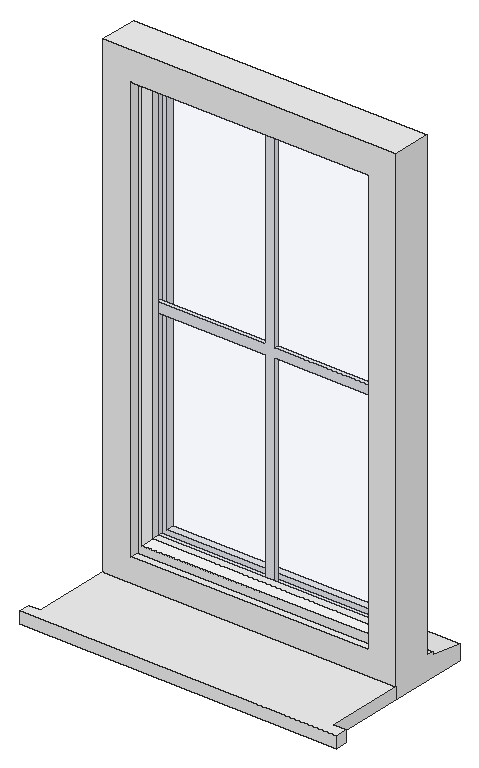
Revit family
Parameters (values of type "Sgl w Glazing Bars 1")
  Wrap Layers (Ext) from Ext = 102.5 mm
  Wrap Layers (Int) from Ext = 177.5 mm
  Window Board Projection = 25.0 mm
  Window Board Extension = 25.0 mm
  Vis - Glazing Bars = yes
  Vis - Cavity Closers = yes
  Rough Width = Width  # 630.0 mm
  Rough Height = Height  # 1050.0 mm
  Operation = "SinglePanel"
  Material Trim = Window Frame
  Material Glazing Bars = Window Frame
  Material Glass = Glass
  Material Frame = Window Frame
  Manufacturer = "Revit"
  Keynote = "L10"
  Height = 1050.0 mm
  Wall Closure = (empty or 0)
  Width = 630.0 mm
  Glazing Thickness = 24.0 mm
  Glazing Bar Thickness = 20.0 mm
  FrameOffset - External = 50.0 mm
  Frame Depth = 65.0 mm
  Default Head Height = 2110.0 mm
  Cill Depth = 87.5 mm
  Cavity Closer Width = 50.0 mm
  Cavity Closer Offset from Ext = 200.0 mm
  Cavity Closer Depth = 85.0 mm
  Assembly Code = ""
Reference planes
  plane 1: y = 0
  plane 2 "Center (Left/Right)": x = 0
  plane 3 "Left": x = -315
  plane 4 "Right": x = 315
  plane 5 "Cill": z = 1060
  plane 6 "Head": z = 2110
  plane 7 "Exterior": y = 158.457
  plane 8 "Interior": y = -141.543
  plane 9 "Back of Window": y = 43.457
  plane 10 "Wall Closure": y = 55.957
  plane 11 "Front Cill": y = 195.957
  plane 12 "Front Window Board": y = -166.543
  plane 13 "RHS Window Board": x = 340
  plane 14 "LHS Window Board": x = -340
  plane 15 "Ext Leaf Back": y = -41.543
  plane 16 "Face Window": y = 108.457
  plane 17: z = 1596.5
  plane 18: y = -19.043
  plane 19: z = 1123
  plane 20: z = 2070
Forms (mm)
  Extrusion 1, solid, material "Window Frame" <- "Material Trim", detail levels medium+fine
    sketch origin (0, 0, 1060) x (0, -1, 0) y (-1, 0, 0)
      loop
        line (141.543, 340) -> (141.543, 315) -> (-25.457, 315) -> (-25.457, -315) -> (141.543, -315) -> (141.543, -340) -> (166.543, -340) -> (166.543, 340) -> (141.543, 340)
    from 0 to -25
  Extrusion 2, solid, material "Window Frame" <- "Material Frame"
    sketch origin (0, 0, 0) x (0, 1, 0) y (0, 0, 1)
      loop
        line (25.457, 1060) -> (195.957, 1060) -> (195.957, 1093.809) -> (123.457, 1104.745) -> (123.457, 1109.688) -> (108.457, 1111) -> (108.457, 1123) -> (43.457, 1123) -> (43.457, 1135) -> (25.457, 1135) -> (25.457, 1060)
    from 315 to -315
  Sweep 3, solid, material "Window Frame" <- "Material Frame"
    path origin (0, 43.457, 0) x (1, 0, 0) y (0, 0, 1)
      loop
        line (-315, 1123) -> (-315, 2110) -> (315, 2110) -> (315, 1123)
    profile origin (0, 0, 1616.5) x (-1, 0, 0) y (0, -1, 0)
      loop
        line (315, -25.457) -> (255, -25.457) -> (255, -43.457) -> (275, -43.457) -> (275, -108.457) -> (315, -108.457) -> (315, -25.457)
  Sweep 4, solid, material "Window Frame" <- "Material Frame"
    path origin (0, 108.457, 0) x (1, 0, 0) y (0, 0, 1)
      loop
        line (275, 2070) -> (-275, 2070) -> (-275, 1123) -> (275, 1123) -> (275, 2070)
    profile origin (0, 0, 1596.5) x (0, -1, 0) y (1, 0, 0)
      loop
        line (-108.457, -285) -> (-108.457, -275) -> (-43.457, -275) -> (-43.457, -245.148) -> (-57.949, -235) -> (-72.457, -235) -> (-72.457, -245) -> (-96.457, -245) -> (-96.457, -235) -> (-114.23, -235) -> (-120.004, -252.446) -> (-120.004, -274.215) -> (-114.23, -285) -> (-108.457, -285)
  Extrusion 5, solid, material "Window Frame" <- "Material Glazing Bars", visible <- "Vis - Glazing Bars"
    sketch origin (245, 96.457, 2040) x (1, 0, 0) y (0, 0, -1)
      loop
        line (0.148, 453.5) -> (-235, 453.5) -> (-235, 887.148) -> (-255, 887.148) -> (-255, 453.5) -> (-490.148, 453.5) -> (-490.148, 433.5) -> (-255, 433.5) -> (-255, -0.148) -> (-235, -0.148) -> (-235, 433.5) -> (0.148, 433.5) -> (0.148, 453.5)
    from -8 to -16
  Extrusion 6, solid, material "Glass" <- "Material Glass"
    sketch origin (245, 96.457, 2040) x (-1, 0, 0) y (0, 0, -1)
      loop
        line (-0.148, -0.148) -> (490, -0.148) -> (490, 887) -> (-0.148, 887) -> (-0.148, -0.148)
    from 0 to 24 <- "Glazing Thickness"
Cuts and joins
  joined: Extrusion 2, Sweep 3
Lines and regions (mm)
  Opening 1
    outline origin (-5000, -141.543, 0) x (1, 0, 0) y (0, 0, 1)
      loop
        line (5315, 2110) -> (4685, 2110) -> (4685, 1060) -> (5315, 1060) -> (5315, 2110)
  Masking region 1
    outline origin (0, 0, 1060) x (0, -1, 0) y (1, 0, 0)
      loop
        line (-25.457, -315) -> (-25.457, 315) -> (-195.957, 315) -> (-195.957, -315) -> (-25.457, -315)
  symbolic lines, style "Windows", detail levels coarse
    curve 1: line (235, 0, 1163) -> (235, 0, 2030)
    curve 2: line (235, 0, 2030) -> (-235, 0, 2030)
    curve 3: line (-235, 0, 2030) -> (-235, 0, 1163)
    curve 4: line (-235, 0, 1163) -> (235, 0, 1163)
    curve 5: line (285, 0, 2080) -> (285, 0, 1113)
    curve 6: line (-285, 0, 1113) -> (-285, 0, 2080)
    curve 7: line (-285, 0, 2080) -> (285, 0, 2080)
  symbolic lines, style "WindowsFrameMullionProjection"
    curve 8: line (-315, 25.457, 0) -> (315, 25.457, 0)
    curve 10: line (315, 108.457, 0) -> (-315, 108.457, 0)
    curve 12: line (-255, 25.457, 0) -> (-255, 108.457, 0)
    curve 13: line (255, 25.457, 0) -> (255, 108.457, 0)
    curve 14: line (-255, 66.957, 0) -> (255, 66.957, 0)
  symbolic lines, style "Elevation Swing"
    curve 9: line (-315, 108.457, 0) -> (-315, 25.457, 0)
    curve 11: line (315, 25.457, 0) -> (315, 108.457, 0)
    curve 27: line (-235, 0, 2030) -> (235, 0, 1596.5)
    curve 28: line (-235, 0, 1163) -> (235, 0, 1596.5)
  symbolic lines, style "Cavity Closer", visible <- "Vis - Cavity Closers", detail levels medium+fine
    curve 15: line (-315, -41.543, 0) -> (-365, -41.543, 0)
    curve 16: line (-315, -126.543, 0) -> (-315, -41.543, 0)
    curve 17: line (-365, -126.543, 0) -> (-315, -126.543, 0)
    curve 18: line (-365, -41.543, 0) -> (-365, -126.543, 0)
    curve 19: line (-315, -126.543, 0) -> (-365, -41.543, 0)
    curve 20: line (-365, -126.543, 0) -> (-315, -41.543, 0)
    curve 21: line (315, -41.543, 0) -> (365, -41.543, 0)
    curve 22: line (315, -126.543, 0) -> (315, -41.543, 0)
    curve 23: line (365, -126.543, 0) -> (315, -126.543, 0)
    curve 24: line (365, -41.543, 0) -> (365, -126.543, 0)
    curve 25: line (315, -126.543, 0) -> (365, -41.543, 0)
    curve 26: line (365, -126.543, 0) -> (315, -41.543, 0)
  symbolic lines, style "Windows", visible <- "Vis - Glazing Bars", detail levels coarse
    curve 29: line (235, 0, 1596.5) -> (-235, 0, 1596.5)
    curve 30: line (0, 0, 1163) -> (0, 0, 2030)
  symbolic lines, visible <- "Vis - Glazing Bars", detail levels medium+fine
    curve 31: line (10, 0, 2030) -> (10, 0, 1606.5)
    curve 32: line (-10, 0, 1606.5) -> (-10, 0, 2030)
    curve 33: line (-235, 0, 1606.5) -> (-10, 0, 1606.5)
    curve 34: line (-10, 0, 1586.5) -> (-235, 0, 1586.5)
    curve 35: line (-10, 0, 1163) -> (-10, 0, 1586.5)
    curve 36: line (10, 0, 1586.5) -> (10, 0, 1163)
    curve 37: line (235, 0, 1586.5) -> (10, 0, 1586.5)
    curve 38: line (10, 0, 1606.5) -> (235, 0, 1606.5)
  symbolic lines, style "WindowsSillHeadProjection"
    curve 39: line (315, 195.957, 0) -> (-315, 195.957, 0)
    curve 40: line (-315, 195.957, 0) -> (-315, 159.707, 0)
    curve 41: line (315, 159.707, 0) -> (315, 195.957, 0)
Text (mm)
  text "EXTERIOR" at (-1415.209, 454.062, 0), in view "Ref. Level"
  text "INTERIOR" at (-1415.209, -367.981, 0), in view "Ref. Level"
  text "Exterior" at (0, 923.751, 2943.296), in view "Right"
  text "Exterior" at (0, 1040.484, 2685.409), in view "Left"
Dimensions and locks
  equal spacing: plane 3 "Left", plane 2 "Center (Left/Right)", plane 4 "Right"
  "Width": plane 3 "Left" to plane 4 "Right"
  "Height": plane 5 "Cill" to plane 6 "Head"
  "Default Head Height": plane 6 "Head" to level
  locked: plane 7 "Exterior" to host wall at 0
  locked: plane 8 "Interior" to host wall
  "Window Board Projection": plane 12 "Front Window Board" to plane 8 "Interior"
  "Window Board Extension": plane 14 "LHS Window Board" to plane 3 "Left"
  "Window Board Extension": plane 4 "Right" to plane 13 "RHS Window Board"
  "Cavity Closer Offset from Ext": plane 15 "Ext Leaf Back" to plane 7 "Exterior"
  "Frame Depth": plane 9 "Back of Window" to plane 16 "Face Window"
  "FrameOffset - External": plane 16 "Face Window" to plane 7 "Exterior"
  locked: Extrusion 2 sketch curve to Extrusion 2 sketch curve at 18
  Extrusion 2 sketch curve to Extrusion 2 sketch curve = 12.0 mm
  plane 16 "Face Window" to Extrusion 2 sketch curve = 15.0 mm
  Sweep 4 sketch curve to Sweep 4 sketch curve = 10.0 mm
  equal spacing: Extrusion 2, Sweep 4 sketch curve, Sweep 4 sketch curve
  equal spacing: Sweep 3, Sweep 4 sketch curve, Sweep 4 sketch curve
  Sweep 4 sketch curve to Sweep 4 sketch curve = 17.774 mm
  "Glazing Thickness": Sweep 4 sketch curve to Sweep 4 sketch curve
  equal spacing: curve 10, curve 14, curve 8
  "Cavity Closer Depth": curve 15 to curve 17
  "Cavity Closer Width": curve 18 to plane 3 "Left"
  "Cavity Closer Depth": curve 21 to curve 23
  "Cavity Closer Width": plane 4 "Right" to curve 24
  "Cill Depth": plane 16 "Face Window" to plane 11 "Front Cill"
  equal spacing: curve 4, curve 28, curve 2
  equal spacing: Sweep 4, plane 17, Sweep 4
  equal spacing: Extrusion 5 sketch curve, plane 2 "Center (Left/Right)", Extrusion 5 sketch curve
  "Glazing Bar Thickness": Extrusion 5 sketch curve to Extrusion 5 sketch curve  (x2)
  equal spacing: Extrusion 5 sketch curve, plane 17, Extrusion 5 sketch curve
  Extrusion 5 to Extrusion 5 = 8.0 mm
  "Wrap Layers (Ext) from Ext": plane 10 "Wall Closure" to plane 7 "Exterior"
  "Wrap Layers (Int) from Ext": plane 18 to plane 7 "Exterior"
  locked: plane 5 "Cill" to plane 19 at 63
  locked: plane 20 to plane 6 "Head" at 40
  equal spacing: plane 19, plane 17, plane 20
  aligned and locked: plane 3 "Left" to Extrusion 1 sketch curve
  aligned and locked: Extrusion 1 sketch curve to plane 8 "Interior"  (x2)
  aligned and locked: Extrusion 1 sketch curve to plane 13 "RHS Window Board"
  aligned and locked: Extrusion 1 to plane 12 "Front Window Board"
  aligned and locked: plane 14 "LHS Window Board" to Extrusion 1 sketch curve
  aligned and locked: plane 9 "Back of Window" to Extrusion 2 sketch curve
  aligned and locked: plane 16 "Face Window" to Extrusion 2 sketch curve
  aligned and locked: plane 11 "Front Cill" to Extrusion 2 sketch curve
  aligned and locked: Extrusion 2 sketch curve to plane 5 "Cill"
  aligned and locked: plane 3 "Left" to Extrusion 2
  aligned and locked: Extrusion 2 to plane 4 "Right"
  aligned and locked: plane 16 "Face Window" to Sweep 3 sketch curve
  aligned and locked: Extrusion 1 to Extrusion 2
  aligned and locked: Sweep 4 sketch curve to Sweep 4 sketch curve
  aligned and locked: Sweep 4 sketch curve to plane 9 "Back of Window"
  aligned and locked: Sweep 4 to curve 1
  aligned and locked: curve 2 to Sweep 4
  aligned and locked: curve 3 to Sweep 4
  aligned and locked: curve 5 to Sweep 4
  aligned and locked: curve 6 to Sweep 4
  aligned and locked: curve 7 to Sweep 4
  aligned and locked: Sweep 3 to curve 12
  aligned and locked: curve 13 to Sweep 3
  aligned and locked: plane 3 "Left" to nested 1
  aligned and locked: curve 16 to plane 3 "Left"
  aligned and locked: plane 4 "Right" to nested 2
  aligned and locked: curve 22 to plane 4 "Right"
  aligned and locked: curve 4 to Sweep 4
  aligned and locked: Extrusion 5 sketch curve to Extrusion 5 sketch curve  (x4)
  aligned and locked: Extrusion 5 to Sweep 4  (x3)
  aligned and locked: Sweep 4 to Extrusion 5
  aligned and locked: curve 30 to plane 2 "Center (Left/Right)"
  aligned and locked: Extrusion 5 to curve 31
  aligned and locked: curve 32 to Extrusion 5
  aligned and locked: Extrusion 5 to curve 33
  aligned and locked: curve 34 to Extrusion 5
  aligned and locked: Extrusion 5 to curve 35
  aligned and locked: curve 36 to Extrusion 5
  aligned and locked: Extrusion 5 to curve 37
  aligned and locked: curve 38 to Extrusion 5
  aligned and locked: curve 39 to cut or joined group of Extrusion 2, Sweep 3
  aligned and locked: curve 40 to cut or joined group of Extrusion 2, Sweep 3
  aligned and locked: cut or joined group of Extrusion 2, Sweep 3 to curve 41
  aligned and locked: curve 8 to cut or joined group of Extrusion 2, Sweep 3
  aligned and locked: nested 2 to plane 15 "Ext Leaf Back"
  aligned and locked: plane 15 "Ext Leaf Back" to curve 21
  aligned and locked: nested 1 to plane 15 "Ext Leaf Back"
  aligned and locked: plane 15 "Ext Leaf Back" to curve 15
  aligned and locked: plane 3 "Left" to Masking region 1 sketch curve
  aligned and locked: plane 4 "Right" to Masking region 1 sketch curve
  aligned and locked: plane 11 "Front Cill" to Masking region 1 sketch curve
  aligned and locked: Masking region 1 sketch curve to Extrusion 1
Automatic sketch dimensions
  Extrusion 1 sketch curve to plane 4 "Right" = 0.0 mm
  plane 9 "Back of Window" to Extrusion 1 sketch curve = 18.0 mm
  Extrusion 1 sketch curve to plane 12 "Front Window Board" = 0.0 mm
  Extrusion 2 sketch curve to Extrusion 2 sketch curve = 33.809 mm
  Extrusion 2 sketch curve to Extrusion 2 sketch curve = 15.879 mm
  Extrusion 2 sketch curve to Extrusion 2 sketch curve = 4.943 mm
  Extrusion 2 sketch curve to plane 5 "Cill" = 63.0 mm
  Extrusion 2 sketch curve to Extrusion 2 sketch curve = 12.0 mm
  Sweep 3 sketch curve to plane 3 "Left" = 0.0 mm
  Sweep 3 sketch curve to plane 4 "Right" = 0.0 mm
  Sweep 3 sketch curve to plane 6 "Head" = 0.0 mm
  Sweep 3 sketch curve to plane 5 "Cill" = 63.0 mm  (x2)
  Sweep 3 sketch curve to profile plane = 0.0 mm
  profile plane to Sweep 3 sketch curve = 40.0 mm
  plane 9 "Back of Window" to Sweep 3 sketch curve = 18.0 mm
  Sweep 3 sketch curve to Sweep 3 sketch curve = 20.0 mm
  Sweep 3 sketch curve to plane 9 "Back of Window" = 0.0 mm
  Sweep 4 sketch curve to plane 3 "Left" = 40.0 mm
  plane 4 "Right" to Sweep 4 sketch curve = 40.0 mm
  Sweep 4 sketch curve to plane 5 "Cill" = 63.0 mm
  plane 6 "Head" to Sweep 4 sketch curve = 40.0 mm
  Sweep 4 sketch curve to plane 16 "Face Window" = 0.0 mm
  Sweep 4 sketch curve to profile plane = 0.0 mm
  Sweep 4 sketch curve to plane 16 "Face Window" = 5.774 mm
  Sweep 4 sketch curve to profile plane = 40.0 mm
  Sweep 4 sketch curve to Sweep 4 sketch curve = 14.493 mm
  profile plane to Sweep 4 sketch curve = 10.0 mm
  Sweep 4 sketch curve to profile plane = 0.785 mm
  Sweep 4 sketch curve to Sweep 4 sketch curve = 17.446 mm
  Sweep 4 sketch curve to Sweep 4 sketch curve = 10.148 mm
  Extrusion 5 sketch curve to plane 3 "Left" = 69.852 mm
  plane 4 "Right" to Extrusion 5 sketch curve = 69.852 mm
  plane 6 "Head" to Extrusion 5 sketch curve = 69.852 mm
  Extrusion 5 sketch curve to plane 5 "Cill" = 92.852 mm
  curve 10 to plane 3 "Left" = 0.0 mm
  curve 11 to plane 4 "Right" = 0.0 mm
  curve 10 to plane 16 "Face Window" = 0.0 mm
  host wall to curve 40 = 1.25 mm
  host wall to curve 41 = 1.25 mm
  plane 4 "Right" to Extrusion 6 sketch curve = 69.852 mm
  Extrusion 6 sketch curve to plane 3 "Left" = 70.0 mm
  plane 6 "Head" to Extrusion 6 sketch curve = 69.852 mm
  Extrusion 6 sketch curve to plane 5 "Cill" = 93.0 mm
  Opening 1 sketch curve to plane 3 "Left" = 0.0 mm
  Opening 1 sketch curve to plane 4 "Right" = 0.0 mm
  Opening 1 sketch curve to plane 5 "Cill" = 0.0 mm
  Opening 1 sketch curve to plane 6 "Head" = 0.0 mm
  plane 19 to curve 6 = 10.0 mm
  plane 19 to curve 5 = 10.0 mm
Nested families
  nested 1: "Cavity Closer" at (-365, -41.543, 0), visible <- "Vis - Cavity Closers", type "Cavity Closer", detail levels medium+fine
  nested 2: "Cavity Closer" at (365, -41.543, 0) x (-1, 0, 0) z (0, 0, 1), visible <- "Vis - Cavity Closers", type "Cavity Closer", detail levels medium+fine
Definition of nested family "Cavity Closer"
  Parameters
    Closer Width = 50.0 mm
    Closer Depth = 75.0 mm
  Reference planes
    plane 1 "Center (Front/Back)": y = 0
    plane 2: z = 0
    plane 3 "Center (Left/Right)": x = 0
    plane 4: x = 50, in view "Ref. Level"
    plane 5: y = -75, in view "Ref. Level"
  Lines and regions (mm)
    Masking region 1, in view "Ref. Level"
      outline origin (0, 0, 0) x (1, 0, 0) y (0, 1, 0)
        loop
          line (0, 0) -> (0, -75) -> (50, -75) -> (50, 0) -> (0, 0)
  Dimensions and locks
    "Closer Width": plane 3 "Center (Left/Right)" to plane 4
    "Closer Depth": plane 5 to plane 1 "Center (Front/Back)"
  Automatic sketch dimensions
    Masking region 1 sketch curve to plane 3 "Center (Left/Right)" = 0.0 mm
    Masking region 1 sketch curve to plane 4 = 0.0 mm
    Masking region 1 sketch curve to plane 5 = 0.0 mm
    Masking region 1 sketch curve to plane 1 "Center (Front/Back)" = 0.0 mm
